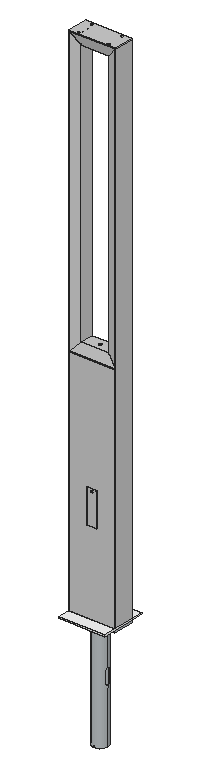
Revit family "BE_99075_de_DE", category Leuchten, Revit 2015 (continued)
Types (4, lengths in mm): name | built-in parameter 1150104 | built-in parameter 1150134 | Modell | M_G | M_A | built-in parameter 1150105 | Lumens | Leuchtenlichtstrom | Lampenlichtstrom | LED_Modulbezeichnung | built-in parameter 1150142 | Farbtemperatur | Datei für fotometrisches Netz | Bestellnummer | built-in parameter 1150106 | built-in parameter 1150107
  BEGA_99075_Grafit_K3 | 16.775 (stored number, unit not read) | (empty or 0) | "99075K3" | yes | no | 510.08 (stored number, unit not read) | 6409.88 lm | "3615 lm" | "6410 lm" | "LED-0315/830" | "IESNA:LM-63-1995\r\n[TEST] \r\n[MANUFAC] BEGA\r\n[MORE] Converted by LUMCat V \r\n[MORE] 07.12.2016 / H.R.\r\n[LUMCAT] \r\n[LUMINAIRE] 99075K3 0°\r\n[LAMPCAT] LED  35,5W\r\n[LAMPCAT] LED  35,5W    3615 lm,   42 W\r\n[LAMP] LED  35,5W\r\nTILT=NONE\r\n1    3615 1.0 73 19 1 2 0.100 0.220 0.000\r\n1.0 1.0 42\r\n   0.0   2.5   5.0   7.5  10.0  12.5  15.0  17.5  20.0  22.5  25.0  27.5  30.0\r\n  32.5  35.0  37.5  40.0  42.5  45.0  47.5  50.0  52.5  55.0  57.5  60.0  62.5\r\n  65.0  67.5  70.0  72.5  75.0  77.5  80.0  82.5  85.0  87.5  90.0  92.5  95.0\r\n  97.5 100.0 102.5 105.0 107.5 110.0 112.5 115.0 117.5 120.0 122.5 125.0 127.5\r\n 130.0 132.5 135.0 137.5 140.0 142.5 145.0 147.5 150.0 152.5 155.0 157.5 160.0\r\n 162.5 165.0 167.5 170.0 172.5 175.0 177.5 180.0\r\n   0.0   5.0  10.0  15.0  20.0  25.0  30.0  35.0  40.0  45.0  50.0  55.0  60.0\r\n  65.0  70.0  75.0  80.0  85.0  90.0\r\n       2.9       6.6     132.9     452.5     554.3     376.1     194.1      65.7\r\n      39.3      34.3      30.3      24.0      18.3      13.9      10.3       7.6\r\n       5.6       4.2       3.2       2.3       1.6       1.1       0.6       0.3\r\n       0.2       0.1       0.0       0.1       0.1       0.0       0.1       0.0\r\n       0.1       0.0       0.1       0.1       0.0       0.1       0.1       0.0\r\n       0.1       0.1       0.0       0.0       0.0       0.0       0.0       0.0\r\n       0.0       0.0       0.0       0.0       0.0       0.0       0.1       0.0\r\n       0.0       0.0       0.0       0.0       0.0       0.0       0.1       0.0\r\n       0.1       0.1       0.1       0.1       0.1       0.1       0.1       0.3\r\n       0.3\r\n       2.9       6.6     137.3     481.2     601.8     410.8     214.3      77.2\r\n      45.4      38.3      33.4      26.9      21.0      15.8      12.0       8.9\r\n       6.7       5.0       3.8       2.9       2.1       1.6       1.0       0.7\r\n       0.5       0.4       0.3       0.3       0.3       0.2       0.2       0.2\r\n       0.1       0.1       0.1       0.1       0.1       0.1       0.1       0.1\r\n       0.1       0.1       0.1       0.1       0.1       0.1       0.1       0.1\r\n       0.1       0.1       0.0       0.0       0.0       0.0       0.0       0.1\r\n       0.0       0.0       0.1       0.0       0.0       0.0       0.0       0.0\r\n       0.1       0.1       0.1       0.1       0.1       0.1       0.1       0.3\r\n       0.3\r\n       2.9       6.7     150.2     568.2     740.3     532.9     297.1     137.5\r\n      80.7      60.4      50.8      41.9      35.0      29.4      24.8      21.0\r\n      17.9      15.4      13.2      11.5      10.3       9.3       8.4       7.6\r\n       6.9       6.3       5.8       5.6       5.2       4.8       4.4       4.2\r\n       3.9       3.7       3.4       3.2       3.0       2.8       2.6       2.4\r\n       2.3       2.2       2.2       2.0       1.9       1.8       1.6       1.5\r\n       1.3       1.1       0.9       0.7       0.4       0.3       0.2       0.1\r\n       0.1       0.1       0.1       0.0       0.0       0.1       0.0       0.1\r\n       0.1       0.1       0.0       0.0       0.1       0.1       0.1       0.3\r\n       0.3\r\n       2.9       6.8     170.3     700.6     950.2     748.7     484.2     311.3\r\n     223.8     176.3     145.9     119.6      98.0      81.9      68.9      58.7\r\n      50.4      43.5      37.2      32.4      28.5      25.3      22.7      20.5\r\n      18.6      17.1      15.7      14.6      13.4      12.4      11.6      10.7\r\n       9.8       9.0       8.3       7.6       7.1       6.7       6.0       5.7\r\n       5.2       4.7       4.4       4.0       3.7       3.3       3.0       2.9\r\n       2.7       2.5       2.3       1.9       1.6       1.4       1.2       0.9\r\n       0.6       0.4       0.3       0.2       0.1       0.1       0.1       0.1\r\n       0.1       0.1       0.1       0.0       0.1       0.1       0.1       0.3\r\n       0.3\r\n       2.9       6.9     194.2     855.8    1211.6    1059.7     806.0     659.3\r\n     565.7     507.8     449.6     388.9     330.3     278.9     233.5     196.6\r\n     164.3     136.9     112.9      92.2      74.0      59.1      47.6      38.9\r\n      32.5      28.5      25.8      23.5      21.5      19.9      18.3      16.8\r\n      15.5      14.2      12.9      11.7      11.0      10.3       9.6       8.8\r\n       8.0       7.1       6.4       5.9       5.4       4.9       4.4       4.0\r\n       3.6       3.3       3.1       2.8       2.5       2.2       2.0       1.7\r\n       1.4       1.1       0.8       0.6       0.4       0.3       0.2       0.3\r\n       0.1       0.1       0.1       0.1       0.1       0.1       0.1       0.3\r\n       0.3\r\n       2.9       7.0     218.9    1021.6    1505.4    1410.8    1186.5    1056.9\r\n     957.4     880.3     798.6     714.5     629.9     551.0     477.8     412.1\r\n     353.6     300.8     253.0     210.2     171.2     136.3     106.6      82.0\r\n      62.6      48.5      38.6      31.9      28.2      25.4      23.1      21.0\r\n      19.3      17.3      15.9      14.4      13.5      12.4      11.6      10.5\r\n       9.6       8.9       8.0       7.4       6.7       6.0       5.5       5.1\r\n       4.6       4.2       3.9       3.5       3.1       2.8       2.5       2.1\r\n       2.0       1.7       1.4       1.1       0.8       0.7       0.5       0.5\r\n       0.4       0.4       0.3       0.2       0.1       0.1       0.2       0.3\r\n       0.3\r\n       2.9       7.0     243.0    1189.7    1793.5    1737.2    1553.6    1445.7\r\n    1356.1    1261.3    1156.7    1047.8     937.4     833.4     735.9     643.3\r\n     560.4     483.8     413.2     349.2     289.5     235.9     189.7     150.2\r\n     117.7      91.7      70.8      54.3      42.8      34.1      27.9      23.7\r\n      20.6      18.0      16.1      14.5      13.4      12.6      11.5      10.8\r\n       9.9       9.1       8.4       7.9       7.3       6.6       6.1       5.5\r\n       5.0       4.6       4.2       3.9       3.5       3.1       2.8       2.5\r\n       2.2       2.0       1.8       1.6       1.2       1.0       0.9       0.8\r\n       0.7       0.7       0.5       0.4       0.2       0.1       0.2       0.3\r\n       0.3\r\n       2.9       7.0     265.5    1344.6    2046.0    2024.4    1893.5    1800.0\r\n    1707.0    1600.8    1485.1    1363.3    1238.1    1113.9     992.2     874.4\r\n     767.5     668.0     577.3     495.2     420.8     353.3     294.7     243.5\r\n     199.4     162.9     131.4     104.5      82.3      64.5      50.1      38.9\r\n      30.0      22.8      18.0      14.6      12.9      11.7      10.8      10.0\r\n       9.4       8.8       8.2       7.6       7.2       6.6       6.2       5.7\r\n       5.2       4.7       4.4       4.1       3.7       3.3       3.0       2.8\r\n       2.6       2.1       2.0       1.8       1.6       1.3       1.1       1.0\r\n       0.9       0.9       0.8       0.6       0.3       0.2       0.2       0.3\r\n       0.3\r\n       2.9       6.8     284.6    1471.3    2256.5    2265.9    2183.2    2112.0\r\n    2030.4    1931.6    1813.8    1685.0    1549.2    1414.5    1283.5    1154.8\r\n    1028.6     908.7     792.7     685.9     586.1     499.4     425.7     359.0\r\n     302.1     253.5     211.0     173.7     141.6     113.8      89.9      68.6\r\n      50.5      35.5      23.6      15.7      11.9      11.0      10.1       9.4\r\n       8.9       8.4       7.9       7.2       6.7       6.3       6.0       5.5\r\n       5.1       4.7       4.4       4.0       3.7       3.4       3.1       2.8\r\n       2.6       2.3       2.1       1.9       1.7       1.5       1.3       1.3\r\n       1.1       1.1       1.0       0.9       0.5       0.3       0.2       0.3\r\n       0.3\r\n       2.9       6.7     297.9    1572.2    2422.3    2464.8    2410.3    2342.8\r\n    2259.1    2163.7    2061.4    1948.8    1831.5    1707.1    1577.3    1437.7\r\n    1295.2    1152.4    1010.6     880.0     761.1     656.2     561.6     480.3\r\n     408.6     346.2     290.9     242.5     199.4     161.1     126.5      97.3\r\n      70.8      48.2      29.8      17.4      11.8      10.4       9.4       8.7\r\n       8.1       7.8       7.5       6.8       6.3       6.1       5.6       5.4\r\n       5.0       4.7       4.3       3.9       3.8       3.5       3.1       2.8\r\n       2.5       2.3       2.2       2.0       1.7       1.5       1.4       1.4\r\n       1.3       1.3       1.2       1.1       0.7       0.3       0.2       0.3\r\n       0.3\r\n       2.9       6.5     303.7    1656.9    2546.9    2616.9    2575.7    2515.9\r\n    2442.6    2356.8    2256.2    2158.3    2051.9    1921.8    1779.5    1624.1\r\n    1465.8    1309.1    1160.3    1026.7     903.9     790.1     692.1     600.3\r\n     518.9     445.9     378.6     318.0     263.1     212.5     167.8     127.8\r\n      91.3      59.9      35.7      18.7      11.1       9.8       8.5       7.9\r\n       7.6       7.1       6.8       6.5       6.1       5.6       5.2       4.9\r\n       4.4       4.3       4.1       3.7       3.4       3.2       3.0       2.7\r\n       2.6       2.3       2.1       1.8       1.7       1.6       1.5       1.4\r\n       1.3       1.3       1.3       1.3       0.9       0.4       0.2       0.3\r\n       0.3\r\n       2.9       6.3     302.0    1723.3    2636.3    2716.9    2681.2    2635.3\r\n    2570.0    2498.8    2428.1    2337.4    2210.9    2060.6    1895.9    1729.8\r\n    1562.3    1402.7    1258.3    1127.2    1005.5     893.9     789.5     692.7\r\n     602.7     518.4     440.6     368.1     302.9     244.1     191.5     144.9\r\n     103.2      67.6      39.0      19.2      10.2       8.9       7.7       7.0\r\n       6.6       6.3       5.9       5.6       5.4       5.0       4.8       4.6\r\n       4.3       4.0       3.8       3.5       3.3       3.1       2.9       2.7\r\n       2.4       2.1       1.9       1.8       1.6       1.5       1.4       1.4\r\n       1.4       1.3       1.4       1.5       1.2       0.5       0.3       0.3\r\n       0.3\r\n       2.9       6.1     295.3    1765.5    2703.5    2777.7    2748.5    2702.0\r\n    2651.3    2596.9    2534.2    2430.1    2290.9    2132.1    1962.8    1791.7\r\n    1626.4    1475.6    1335.2    1199.8    1073.3     951.4     838.8     732.3\r\n     634.1     543.4     459.9     382.4     314.3     252.5     198.4     149.0\r\n     105.4      68.3      38.9      18.5       9.6       8.3       6.9       6.0\r\n       5.8       5.5       5.2       5.0       4.7       4.4       4.3       4.0\r\n       3.8       3.7       3.4       3.1       3.0       2.8       2.5       2.3\r\n       2.2       2.0       1.8       1.6       1.6       1.4       1.3       1.3\r\n       1.4       1.4       1.4       1.6       1.3       0.7       0.3       0.3\r\n       0.3\r\n       2.9       6.0     286.4    1785.2    2749.9    2819.8    2792.1    2753.9\r\n    2709.2    2674.4    2598.3    2469.8    2321.5    2154.0    1985.4    1817.2\r\n    1663.6    1516.5    1375.1    1239.7    1107.3     980.7     860.7     747.9\r\n     643.5     547.7     460.1     381.2     311.5     249.3     193.7     143.6\r\n     100.6      64.5      36.4      16.7       8.3       7.2       5.9       5.0\r\n       4.7       4.5       4.3       4.2       3.9       3.8       3.6       3.4\r\n       3.2       3.1       2.9       2.7       2.6       2.4       2.3       2.2\r\n       1.9       1.8       1.6       1.6       1.4       1.2       1.2       1.2\r\n       1.3       1.3       1.4       1.6       1.4       0.8       0.3       0.3\r\n       0.3\r\n       2.9       5.9     277.4    1793.4    2771.4    2839.2    2813.7    2777.7\r\n    2748.3    2715.8    2617.1    2482.6    2325.2    2154.2    1988.5    1826.9\r\n    1679.2    1531.0    1388.7    1246.4    1104.2     974.5     850.8     736.8\r\n     628.9     531.1     443.7     365.3     296.7     231.6     176.6     129.8\r\n      89.8      57.1      32.1      15.1       7.4       6.3       5.2       4.1\r\n       3.8       3.7       3.6       3.4       3.3       3.1       3.0       2.7\r\n       2.6       2.5       2.5       2.4       2.2       2.1       1.9       1.8\r\n       1.7       1.5       1.4       1.2       1.1       1.0       1.1       1.1\r\n       1.2       1.3       1.4       1.6       1.6       0.9       0.4       0.3\r\n       0.3\r\n       2.9       5.8     269.5    1799.4    2780.8    2843.5    2821.6    2793.7\r\n    2771.3    2732.6    2625.0    2480.6    2317.6    2150.9    1988.1    1834.7\r\n    1684.6    1536.6    1387.7    1238.5    1100.1     965.6     841.5     721.9\r\n     613.7     517.3     428.9     349.6     276.2     214.8     160.5     116.8\r\n      80.3      50.5      28.4      13.1       6.5       5.3       4.2       3.0\r\n       2.9       2.8       2.7       2.5       2.4       2.4       2.3       2.2\r\n       2.0       2.0       1.9       1.8       1.7       1.6       1.5       1.4\r\n       1.3       1.2       1.0       1.0       0.9       0.9       0.9       0.9\r\n       1.0       1.2       1.3       1.6       1.6       1.0       0.4       0.3\r\n       0.3\r\n       2.9       5.7     263.1    1802.3    2786.6    2845.3    2824.9    2802.0\r\n    2789.0    2744.0    2624.1    2477.0    2315.9    2147.5    1987.9    1836.7\r\n    1687.4    1536.8    1383.6    1235.1    1093.2     958.3     833.0     713.9\r\n     605.7     506.6     417.2     332.8     261.0     199.8     149.3     107.5\r\n      74.3      46.5      25.6      11.6       5.4       4.4       3.3       2.1\r\n       1.8       1.8       1.8       1.7       1.6       1.6       1.4       1.4\r\n       1.2       1.4       1.3       1.2       1.1       1.0       0.9       0.9\r\n       0.8       0.7       0.7       0.7       0.7       0.6       0.7       0.7\r\n       0.9       1.1       1.2       1.5       1.6       1.0       0.4       0.3\r\n       0.3\r\n       2.9       5.6     259.1    1801.3    2787.1    2844.8    2827.5    2805.5\r\n    2796.1    2740.6    2622.9    2472.7    2307.0    2141.5    1988.1    1835.9\r\n    1684.4    1533.6    1378.7    1228.3    1087.9     954.2     827.1     708.0\r\n     598.7     500.5     405.3     322.1     249.3     190.9     140.9     102.4\r\n      69.1      42.5      23.3      10.2       4.2       3.2       2.2       1.2\r\n       0.9       0.8       0.8       0.8       0.7       0.7       0.6       0.6\r\n       0.6       0.5       0.5       0.5       0.5       0.4       0.4       0.4\r\n       0.3       0.3       0.3       0.3       0.4       0.4       0.5       0.7\r\n       0.8       1.0       1.2       1.5       1.7       1.1       0.4       0.3\r\n       0.3\r\n       2.9       5.6     257.7    1800.9    2785.7    2841.4    2824.7    2803.7\r\n    2796.5    2741.2    2615.0    2466.7    2305.1    2138.2    1984.9    1835.5\r\n    1683.6    1527.9    1375.5    1237.6    1086.1     946.2     822.2     703.2\r\n     594.2     495.7     399.5     317.3     246.4     186.8     137.8      99.6\r\n      66.3      40.7      22.2       8.8       3.0       2.2       1.3       0.2\r\n       0.1       0.1       0.1       0.1       0.1       0.1       0.1       0.1\r\n       0.1       0.1       0.1       0.1       0.1       0.1       0.1       0.1\r\n       0.1       0.1       0.1       0.1       0.1       0.2       0.4       0.6\r\n       0.8       1.0       1.2       1.5       1.7       1.1       0.4       0.2\r\n       0.3\r\n" | "3000 K" | "BE_99075K3_0deg.IES" | "99075K3" | 5.1008 (stored number, unit not read) | 3000 (stored number, unit not read)
  BEGA_99075_Grafit_K4 | 17.168 (stored number, unit not read) | 12 | "99075" | yes | no | 522.03 (stored number, unit not read) | 6560.05 lm | "3700 lm" | "6560 lm" | "LED-0315/840" | "IESNA:LM-63-1995\r\n[TEST] \r\n[MANUFAC] BEGA\r\n[MORE] Converted by LUMCat V \r\n[MORE] 07.12.2016 / H.R.\r\n[LUMCAT] \r\n[LUMINAIRE] 99075 0°\r\n[LAMPCAT] LED  35,5W\r\n[LAMPCAT] LED  35,5W    3700 lm,   42 W\r\n[LAMP] LED  35,5W\r\nTILT=NONE\r\n1    3700 1.0 73 19 1 2 0.100 0.220 0.000\r\n1.0 1.0 42\r\n   0.0   2.5   5.0   7.5  10.0  12.5  15.0  17.5  20.0  22.5  25.0  27.5  30.0\r\n  32.5  35.0  37.5  40.0  42.5  45.0  47.5  50.0  52.5  55.0  57.5  60.0  62.5\r\n  65.0  67.5  70.0  72.5  75.0  77.5  80.0  82.5  85.0  87.5  90.0  92.5  95.0\r\n  97.5 100.0 102.5 105.0 107.5 110.0 112.5 115.0 117.5 120.0 122.5 125.0 127.5\r\n 130.0 132.5 135.0 137.5 140.0 142.5 145.0 147.5 150.0 152.5 155.0 157.5 160.0\r\n 162.5 165.0 167.5 170.0 172.5 175.0 177.5 180.0\r\n   0.0   5.0  10.0  15.0  20.0  25.0  30.0  35.0  40.0  45.0  50.0  55.0  60.0\r\n  65.0  70.0  75.0  80.0  85.0  90.0\r\n       3.0       6.7     136.0     463.2     567.3     384.9     198.6      67.3\r\n      40.3      35.1      31.0      24.6      18.7      14.2      10.5       7.8\r\n       5.8       4.3       3.3       2.4       1.7       1.1       0.6       0.3\r\n       0.2       0.1       0.0       0.1       0.1       0.0       0.1       0.0\r\n       0.1       0.0       0.1       0.1       0.0       0.1       0.1       0.0\r\n       0.1       0.1       0.0       0.0       0.0       0.0       0.0       0.0\r\n       0.0       0.0       0.0       0.0       0.0       0.0       0.1       0.0\r\n       0.0       0.0       0.0       0.0       0.0       0.0       0.1       0.0\r\n       0.1       0.1       0.1       0.1       0.1       0.1       0.1       0.3\r\n       0.3\r\n       3.0       6.8     140.5     492.5     615.9     420.5     219.4      79.0\r\n      46.5      39.2      34.2      27.6      21.5      16.2      12.2       9.1\r\n       6.8       5.1       3.9       2.9       2.1       1.6       1.0       0.7\r\n       0.5       0.4       0.3       0.3       0.3       0.2       0.2       0.2\r\n       0.1       0.1       0.1       0.1       0.1       0.1       0.1       0.1\r\n       0.1       0.1       0.1       0.1       0.1       0.1       0.1       0.1\r\n       0.1       0.1       0.0       0.0       0.0       0.0       0.0       0.1\r\n       0.0       0.0       0.1       0.0       0.0       0.0       0.0       0.0\r\n       0.1       0.1       0.1       0.1       0.1       0.1       0.1       0.3\r\n       0.3\r\n       3.0       6.8     153.8     581.6     757.7     545.4     304.1     140.7\r\n      82.5      61.8      52.0      42.9      35.8      30.1      25.4      21.5\r\n      18.3      15.8      13.5      11.8      10.5       9.5       8.6       7.7\r\n       7.1       6.4       6.0       5.7       5.3       4.9       4.6       4.3\r\n       4.0       3.7       3.5       3.3       3.1       2.9       2.7       2.5\r\n       2.4       2.3       2.2       2.0       2.0       1.9       1.6       1.5\r\n       1.3       1.1       0.9       0.7       0.4       0.3       0.2       0.1\r\n       0.1       0.1       0.1       0.0       0.0       0.1       0.0       0.1\r\n       0.1       0.1       0.0       0.0       0.1       0.1       0.1       0.3\r\n       0.3\r\n       3.0       7.0     174.3     717.1     972.5     766.3     495.5     318.6\r\n     229.1     180.4     149.3     122.4     100.3      83.8      70.6      60.1\r\n      51.6      44.5      38.1      33.1      29.1      25.9      23.2      20.9\r\n      19.1      17.5      16.1      14.9      13.7      12.7      11.8      11.0\r\n      10.0       9.2       8.5       7.8       7.3       6.8       6.2       5.9\r\n       5.4       4.8       4.5       4.1       3.7       3.4       3.1       3.0\r\n       2.8       2.5       2.4       2.0       1.7       1.4       1.3       0.9\r\n       0.6       0.4       0.3       0.2       0.1       0.1       0.1       0.1\r\n       0.1       0.1       0.1       0.0       0.1       0.1       0.1       0.3\r\n       0.3\r\n       3.0       7.1     198.8     875.9    1240.1    1084.6     824.9     674.8\r\n     579.0     519.7     460.1     398.1     338.1     285.5     239.0     201.2\r\n     168.2     140.1     115.6      94.4      75.7      60.5      48.7      39.8\r\n      33.3      29.2      26.4      24.1      22.0      20.4      18.7      17.2\r\n      15.9      14.5      13.2      12.0      11.2      10.5       9.8       9.0\r\n       8.1       7.3       6.5       6.0       5.5       5.0       4.6       4.1\r\n       3.7       3.4       3.1       2.8       2.6       2.3       2.0       1.7\r\n       1.4       1.1       0.9       0.6       0.4       0.3       0.2       0.3\r\n       0.1       0.1       0.1       0.1       0.1       0.1       0.1       0.3\r\n       0.3\r\n       3.0       7.2     224.1    1045.6    1540.8    1444.0    1214.4    1081.8\r\n     979.9     901.0     817.4     731.3     644.7     564.0     489.1     421.8\r\n     361.9     307.9     258.9     215.2     175.2     139.5     109.1      83.9\r\n      64.1      49.6      39.6      32.6      28.9      26.0      23.6      21.5\r\n      19.8      17.7      16.3      14.8      13.8      12.7      11.8      10.8\r\n       9.8       9.1       8.2       7.5       6.9       6.1       5.6       5.2\r\n       4.7       4.3       4.0       3.6       3.2       2.9       2.6       2.1\r\n       2.0       1.7       1.4       1.1       0.9       0.7       0.6       0.5\r\n       0.4       0.4       0.3       0.2       0.1       0.1       0.2       0.3\r\n       0.3\r\n       3.0       7.2     248.7    1217.6    1835.6    1778.0    1590.1    1479.7\r\n    1388.0    1291.0    1183.9    1072.5     959.4     853.0     753.2     658.5\r\n     573.6     495.2     422.9     357.4     296.3     241.5     194.1     153.7\r\n     120.5      93.9      72.4      55.6      43.8      34.9      28.6      24.2\r\n      21.1      18.5      16.4      14.9      13.8      12.9      11.8      11.1\r\n      10.2       9.4       8.6       8.1       7.4       6.8       6.3       5.6\r\n       5.1       4.7       4.3       4.0       3.6       3.2       2.8       2.6\r\n       2.3       2.0       1.9       1.6       1.2       1.0       0.9       0.8\r\n       0.7       0.7       0.5       0.4       0.2       0.1       0.2       0.3\r\n       0.3\r\n       3.0       7.1     271.7    1376.2    2094.1    2072.0    1938.1    1842.3\r\n    1747.1    1638.5    1520.0    1395.3    1267.2    1140.1    1015.6     895.0\r\n     785.5     683.7     590.9     506.9     430.7     361.6     301.7     249.2\r\n     204.1     166.7     134.5     106.9      84.2      66.0      51.3      39.8\r\n      30.7      23.4      18.4      14.9      13.2      12.0      11.1      10.3\r\n       9.7       9.0       8.4       7.8       7.3       6.8       6.4       5.9\r\n       5.3       4.8       4.5       4.2       3.7       3.3       3.1       2.8\r\n       2.6       2.2       2.1       1.8       1.6       1.3       1.1       1.1\r\n       0.9       1.0       0.8       0.6       0.3       0.2       0.2       0.3\r\n       0.3\r\n       3.0       7.0     291.3    1505.9    2309.6    2319.2    2234.6    2161.7\r\n    2078.1    1977.0    1856.4    1724.6    1585.6    1447.8    1313.6    1182.0\r\n    1052.8     930.1     811.3     702.1     599.8     511.2     435.7     367.5\r\n     309.2     259.4     215.9     177.8     144.9     116.4      92.1      70.3\r\n      51.7      36.4      24.2      16.0      12.2      11.3      10.4       9.7\r\n       9.1       8.5       8.1       7.4       6.9       6.4       6.1       5.6\r\n       5.2       4.8       4.5       4.1       3.8       3.4       3.1       2.8\r\n       2.6       2.4       2.1       1.9       1.7       1.6       1.3       1.3\r\n       1.1       1.1       1.1       0.9       0.5       0.3       0.2       0.3\r\n       0.3\r\n       3.0       6.8     305.0    1609.2    2479.3    2522.7    2466.9    2397.9\r\n    2312.2    2214.6    2109.9    1994.6    1874.5    1747.3    1614.4    1471.5\r\n    1325.7    1179.5    1034.3     900.7     779.0     671.6     574.8     491.6\r\n     418.2     354.3     297.7     248.2     204.1     164.9     129.5      99.6\r\n      72.5      49.3      30.5      17.8      12.1      10.7       9.6       8.9\r\n       8.3       8.0       7.7       7.0       6.5       6.3       5.7       5.5\r\n       5.1       4.8       4.4       4.0       3.8       3.6       3.2       2.9\r\n       2.6       2.4       2.3       2.0       1.8       1.6       1.5       1.4\r\n       1.4       1.3       1.3       1.1       0.7       0.3       0.2       0.3\r\n       0.3\r\n       3.0       6.6     310.8    1695.8    2606.8    2678.4    2636.2    2575.0\r\n    2500.0    2412.3    2309.2    2209.0    2100.1    1967.0    1821.4    1662.3\r\n    1500.3    1339.9    1187.6    1050.8     925.1     808.7     708.4     614.4\r\n     531.1     456.4     387.5     325.5     269.2     217.5     171.8     130.8\r\n      93.4      61.3      36.6      19.2      11.4      10.0       8.7       8.1\r\n       7.7       7.3       7.0       6.6       6.2       5.7       5.4       5.0\r\n       4.6       4.4       4.2       3.8       3.5       3.3       3.1       2.8\r\n       2.6       2.3       2.1       1.9       1.7       1.6       1.5       1.5\r\n       1.4       1.4       1.4       1.4       1.0       0.4       0.2       0.3\r\n       0.3\r\n       3.0       6.5     309.1    1763.8    2698.3    2780.8    2744.3    2697.2\r\n    2630.4    2557.5    2485.2    2392.4    2262.8    2109.1    1940.5    1770.5\r\n    1599.0    1435.7    1287.9    1153.7    1029.2     914.9     808.1     709.0\r\n     616.9     530.6     451.0     376.8     310.1     249.8     196.0     148.3\r\n     105.6      69.2      40.0      19.6      10.4       9.1       7.9       7.1\r\n       6.8       6.4       6.0       5.8       5.6       5.1       5.0       4.7\r\n       4.4       4.1       3.8       3.6       3.4       3.1       2.9       2.7\r\n       2.4       2.1       2.0       1.9       1.6       1.6       1.5       1.4\r\n       1.4       1.4       1.4       1.5       1.2       0.6       0.3       0.3\r\n       0.3\r\n       3.0       6.3     302.3    1807.0    2767.0    2843.0    2813.1    2765.5\r\n    2713.6    2658.0    2593.8    2487.2    2344.8    2182.2    2008.9    1833.9\r\n    1664.7    1510.3    1366.6    1228.0    1098.5     973.8     858.5     749.5\r\n     649.0     556.1     470.7     391.4     321.6     258.5     203.1     152.5\r\n     107.9      69.9      39.8      18.9       9.8       8.5       7.1       6.1\r\n       5.9       5.6       5.3       5.1       4.8       4.6       4.4       4.1\r\n       3.8       3.7       3.5       3.1       3.0       2.9       2.5       2.4\r\n       2.2       2.0       1.9       1.6       1.6       1.4       1.4       1.4\r\n       1.4       1.4       1.4       1.6       1.3       0.7       0.3       0.3\r\n       0.3\r\n       3.0       6.2     293.1    1827.2    2814.6    2886.1    2857.7    2818.7\r\n    2772.9    2737.3    2659.4    2527.8    2376.1    2204.6    2032.1    1859.9\r\n    1702.7    1552.2    1407.5    1268.8    1133.3    1003.8     880.9     765.5\r\n     658.7     560.6     470.9     390.1     318.9     255.2     198.2     147.0\r\n     102.9      66.0      37.2      17.1       8.5       7.4       6.0       5.1\r\n       4.8       4.6       4.4       4.3       4.0       3.9       3.7       3.4\r\n       3.3       3.1       3.0       2.8       2.6       2.4       2.4       2.2\r\n       2.0       1.8       1.7       1.6       1.4       1.2       1.2       1.2\r\n       1.3       1.3       1.4       1.6       1.5       0.8       0.3       0.3\r\n       0.3\r\n       3.0       6.0     283.9    1835.5    2836.6    2905.9    2879.8    2843.0\r\n    2812.9    2779.7    2678.7    2541.0    2379.9    2204.8    2035.3    1869.9\r\n    1718.7    1567.0    1421.3    1275.7    1130.2     997.4     870.8     754.2\r\n     643.7     543.6     454.2     373.8     303.7     237.0     180.8     132.9\r\n      91.9      58.5      32.9      15.5       7.6       6.4       5.3       4.2\r\n       3.9       3.8       3.7       3.5       3.4       3.1       3.1       2.8\r\n       2.7       2.6       2.6       2.4       2.3       2.1       2.0       1.8\r\n       1.8       1.6       1.4       1.2       1.1       1.1       1.1       1.1\r\n       1.2       1.3       1.4       1.6       1.6       0.9       0.4       0.3\r\n       0.3\r\n       3.0       5.9     275.8    1841.7    2846.2    2910.4    2887.9    2859.4\r\n    2836.5    2796.8    2686.8    2538.9    2372.1    2201.5    2034.8    1877.8\r\n    1724.2    1572.7    1420.3    1267.7    1126.0     988.3     861.3     738.9\r\n     628.1     529.4     439.0     357.8     282.7     219.9     164.2     119.5\r\n      82.2      51.7      29.0      13.4       6.6       5.4       4.3       3.1\r\n       3.0       2.9       2.8       2.6       2.4       2.4       2.3       2.3\r\n       2.1       2.0       1.9       1.8       1.7       1.6       1.6       1.4\r\n       1.3       1.2       1.1       1.0       1.0       0.9       0.9       0.9\r\n       1.1       1.3       1.4       1.6       1.6       1.0       0.4       0.3\r\n       0.3\r\n       3.0       5.8     269.3    1844.6    2852.1    2912.2    2891.4    2867.8\r\n    2854.6    2808.5    2685.8    2535.2    2370.4    2198.0    2034.6    1879.9\r\n    1727.1    1573.0    1416.1    1264.1    1118.9     980.8     852.6     730.7\r\n     619.9     518.5     427.1     340.6     267.2     204.5     152.8     110.0\r\n      76.1      47.6      26.2      11.8       5.6       4.5       3.4       2.1\r\n       1.8       1.9       1.9       1.7       1.6       1.6       1.5       1.4\r\n       1.3       1.4       1.3       1.2       1.1       1.1       1.0       0.9\r\n       0.9       0.7       0.7       0.7       0.7       0.6       0.7       0.7\r\n       0.9       1.1       1.2       1.5       1.7       1.1       0.4       0.3\r\n       0.3\r\n       3.0       5.8     265.1    1843.6    2852.6    2911.7    2894.0    2871.5\r\n    2861.9    2805.0    2684.5    2530.8    2361.3    2191.8    2034.9    1879.0\r\n    1724.1    1569.7    1411.1    1257.2    1113.4     976.7     846.6     724.7\r\n     612.8     512.2     414.8     329.7     255.2     195.4     144.2     104.9\r\n      70.7      43.5      23.9      10.4       4.3       3.3       2.2       1.2\r\n       0.9       0.8       0.8       0.8       0.7       0.7       0.6       0.6\r\n       0.6       0.6       0.5       0.5       0.5       0.4       0.4       0.4\r\n       0.3       0.3       0.3       0.3       0.4       0.4       0.5       0.7\r\n       0.8       1.0       1.2       1.5       1.7       1.1       0.4       0.3\r\n       0.3\r\n       3.0       5.7     263.7    1843.2    2851.2    2908.2    2891.1    2869.6\r\n    2862.3    2805.7    2676.5    2524.7    2359.3    2188.5    2031.5    1878.6\r\n    1723.2    1563.8    1407.9    1266.7    1111.6     968.4     841.5     719.7\r\n     608.1     507.3     408.9     324.7     252.2     191.2     141.1     102.0\r\n      67.9      41.7      22.7       9.0       3.1       2.3       1.3       0.2\r\n       0.1       0.1       0.1       0.1       0.1       0.1       0.1       0.1\r\n       0.1       0.1       0.1       0.1       0.1       0.1       0.1       0.1\r\n       0.1       0.1       0.1       0.1       0.1       0.2       0.4       0.6\r\n       0.8       1.0       1.2       1.5       1.7       1.1       0.4       0.2\r\n       0.3\r\n" | "4000 K" | "BE_99075_0deg.IES" | "99075" | 5.2203 (stored number, unit not read) | 4000 (stored number, unit not read)
